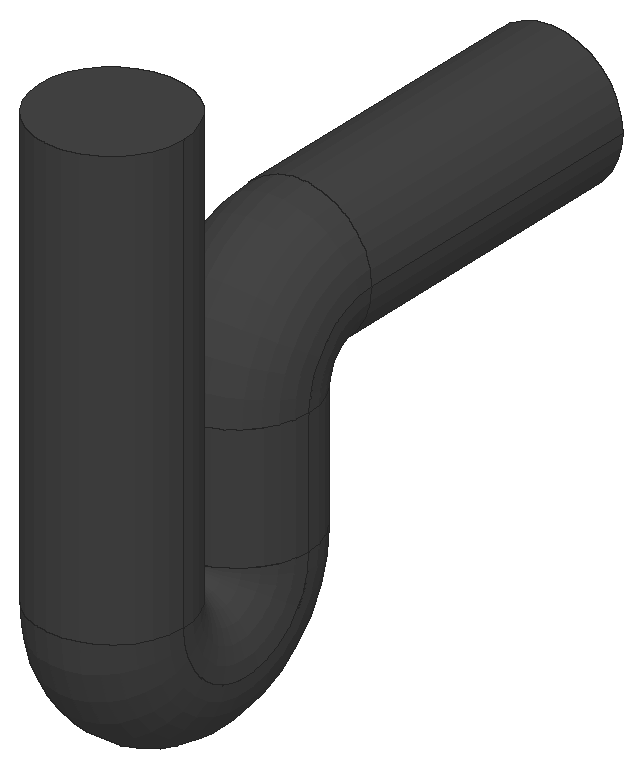
Revit family "PRD_AR_Sphns_Siphon_ZCMPX003", category Plumbing Fixtures, Revit 2018
Family settings
  Round Connector Dimension = Use Diameter
  Part Type = Normal
  OmniClass Number = 23.45.00.00
  OmniClass Title = Sanitary, Laundry, and Cleaning Equipment
  Work Plane-Based = Yes
  Always vertical = No
  Cut with Voids When Loaded = No
  Shared = Yes
  Room Calculation Point = No
Parameters
  WasteSize = 100 mm
  URL = "www.kwc.com"
  NetWeight = 1.50 kg
  Name = "Siphon ZCMPX003"
  NBSReference = "Pr_60_45_78_78"
  NBSDescription = "Siphons"
  ModelReference = "ZCMPX003"
  ModelNumber = "2000102734"
  Model = ModelReference  # "ZCMPX003"
  Material = PRD_AR_SyntheticBlack
  ManufacturerURL = "www.kwc.com"
  ManufacturerName = "KWC Group AG"  # constant formula
  Manufacturer = ManufacturerName  # "KWC Group AG"
  GrossWeight = 1.60 kg
  Description = "Siphon for squat pan, black colour, connection DN 100. Horizontal outlet."
  Default Elevation = 1219.2 mm
  CreateOn = "11/2018"  # constant formula
  BIMObjectName = "PRD_AR_Sphns_Siphon_ZCMPX003"
  Author = "Archispace"  # constant formula
Reference planes
  plane 1 "Center (Front/Back)": y = 0
  plane 2: z = 0
  plane 3 "Center (Left/Right)": x = 0
  plane 4: z = -480
  plane 5: y = 420
Forms (mm)
  Sweep 1, solid, material "PRD_AR_SyntheticBlack" <- "Material"
    path origin (0, 0, 0) x (0, 1, 0) y (0, 0, 1)
      loop
        line (0, 0) -> (0, -335)
        arc (0, -335) -> (60, -395) -> (120, -335) r 60
        line (120, -335) -> (120, -240)
        arc (120, -240) -> (137.574, -197.574) -> (180, -180) r 60
        line (180, -180) -> (420, -180)
    profile origin (0, 0, -167.5) x (1, 0, 0) y (0, 1, 0)
      loop
        circle (0, 0) r 55
Dimensions and locks
  level to plane 4 = 480 mm
  plane 5 to plane 1 "Center (Front/Back)" = 420 mm
  aligned and locked: level to plane 2
Connectors
  piping at (0, 0, 0), diameter 100, driven by "WasteSize"
    settings: on Sweep 1, index 1, connector inside diameter 609.6 mm, connector length 0 mm, flow factor 0, pipe flow 0.0 L/s, pressure drop 0.0 Pa, fitting loss kfactor 0, connector angle 0.00°, fixture units 0, engagement length 0 mm, angle of deflection 0.00°, flow configuration 2, flow direction 1, fitting loss method 0, system type 16, joint type 0, gender type 0, connector reference index -1, connector utility 0, adjustable connector no, is connector primary yes, connector description ""
  piping at (0, 420, -180), diameter 100, driven by "WasteSize"
    settings: on Sweep 1, index 2, connector inside diameter 609.6 mm, connector length 0 mm, flow factor 0, pipe flow 0.0 L/s, pressure drop 0.0 Pa, fitting loss kfactor 0, connector angle 0.00°, fixture units 0, engagement length 0 mm, angle of deflection 0.00°, flow configuration 2, flow direction 1, fitting loss method 0, system type 16, joint type 0, gender type 0, connector reference index -1, connector utility 0, adjustable connector no, is connector primary no, connector description ""
